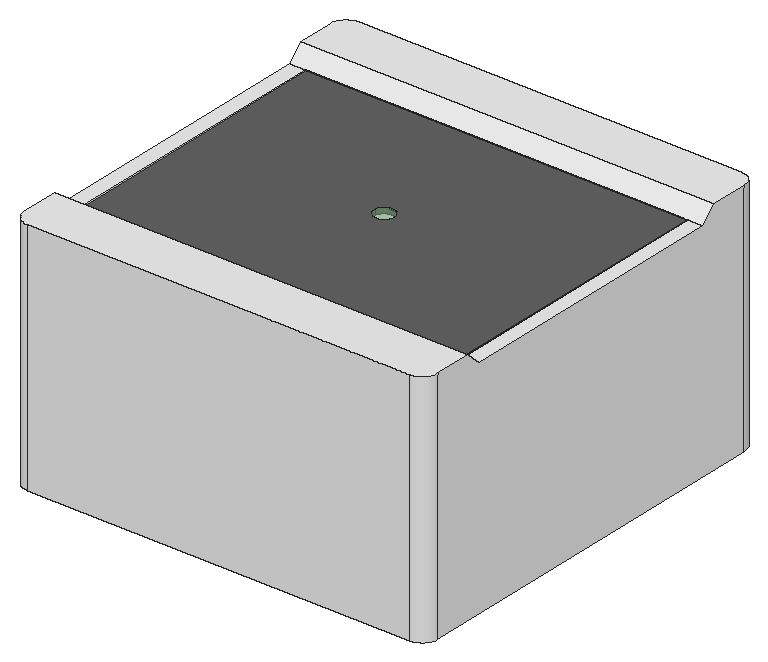
Revit family "Long Range Receiver_WRR-22_Farpointe_R16", category Security Devices, host Face, Revit 2016
Family settings
  Host = Face
  Maintain Annotation Orientation = No
  Part Type = Normal
  Round Connector Dimension = Use Diameter
  Cut with Voids When Loaded = No
  Shared = No
  Room Calculation Point = No
Parameters
  Width = 3.3"
  White Plastic [instance] = White Plastic
  URL - Quick Start Guides [instance] = "http://farpointedata.com/downloads/qsg_and_ref/WRR22_RangerReceiver_QSG.pdf"
  URL - Mounting Guides Letter Size [instance] = "N/A"
  URL - Mounting Guides A4 Size [instance] = "N/A"
  URL - Data Sheets [instance] = "http://farpointedata.com/downloads/datasheets/WRR22_TDS.pdf"
  URL - Bid Specifications [instance] = "http://farpointedata.com/downloads/bid_specs/Farpointe_Ranger_Specification.docx"
  URL = "http://www.farpointedata.com/"
  Modeled By [instance] = "www.commensestudio.com"
  Model = "WRR-22 Ranger Long-Range Receiver"  # constant formula
  Manufacturer = "Farpointe Data"  # constant formula
  LED [instance] = LED
  Height = 3.3"
  Description = "Two Channel"  # constant formula
  Depth = 1.9"
  Default Elevation = 48"
  Black Plastic [instance] = Black Plastic
Reference planes (in)
  plane 1 "Center (Front/Back)": y = 0
  plane 2: z = 0
  plane 3 "Center (Left/Right)": x = 0
  plane 4: x = -1.65
  plane 5: x = 1.65
  plane 6: y = 1.65
  plane 7: y = -1.65
  plane 8: z = 1.9
Forms (in)
  Extrusion 1, solid, material "White Plastic" <- "White Plastic"
    sketch origin (0, 0, 0) x (1, 0, 0) y (0, 1, 0)
      loop
        arc (-1.525, 1.65) -> (-1.61339, 1.61339) -> (-1.65, 1.525) r 0.125
        line (-1.65, 1.525) -> (-1.65, -1.525)
        arc (-1.65, -1.525) -> (-1.61339, -1.61339) -> (-1.525, -1.65) r 0.125
        line (-1.525, -1.65) -> (1.525, -1.65)
        arc (1.525, -1.65) -> (1.61339, -1.61339) -> (1.65, -1.525) r 0.125
        line (1.65, -1.525) -> (1.65, 1.525)
        arc (1.65, 1.525) -> (1.61339, 1.61339) -> (1.525, 1.65) r 0.125
        line (1.525, 1.65) -> (-1.525, 1.65)
    from 0 to 1.9
  Extrusion 2, void
    sketch origin (0, 0, 0) x (0, 1, 0) y (0, 0, 1)
      loop
        line (-1.22641, 1.9) -> (-1.11922, 1.79281) -> (1.11922, 1.79281) -> (1.22641, 1.9) -> (-1.22641, 1.9)
    from -1.65 to 1.65
  Extrusion 3, void
    sketch origin (0, 0, 0) x (1, 0, 0) y (0, 1, 0)
      loop
        circle (0, 0) r 0.07968
    from 1.75 to 1.9
  Extrusion 4, void
    sketch origin (0, 0, 0) x (1, 0, 0) y (0, 1, 0)
      loop
        line (-1.525, 1.11922) -> (-1.525, -1.11922) -> (1.525, -1.11922) -> (1.525, 1.11922) -> (-1.525, 1.11922)
    from 1.75 to 1.79281
  Extrusion 5, solid, material "Black Plastic" <- "Black Plastic"
    sketch origin (0, 0, 0) x (1, 0, 0) y (0, 1, 0)
      loop
        line (-1.525, 1.11922) -> (-1.525, -1.11922) -> (1.525, -1.11922) -> (1.525, 1.11922) -> (-1.525, 1.11922)
      loop
        circle (0, 0) r 0.07968
    from 1.75 to 1.79
  Extrusion 6, solid, material "LED" <- "LED"
    sketch origin (0, 0, 0) x (1, 0, 0) y (0, 1, 0)
      loop
        circle (0, 0) r 0.07968
    from 1.75 to 1.79
Cuts and joins
  Extrusion 2, Extrusion 3, Extrusion 4 cuts Extrusion 1
Dimensions and locks (in)
  equal spacing: plane 7, plane 1 "Center (Front/Back)", plane 6
  equal spacing: plane 4, plane 3 "Center (Left/Right)", plane 5
  "Height": plane 7 to plane 6
  "Width": plane 4 to plane 5
  "Depth": plane 8 to level
  aligned and locked: plane 2 to host face
  aligned and locked: level to host face
  aligned and locked: plane 8 to Extrusion 1
Automatic sketch dimensions
  host sketch curve to host sketch curve = 96"  (x2)
  plane 7 to Extrusion 1 sketch curve = 0"
  plane 6 to Extrusion 1 sketch curve = 0"
  Extrusion 1 sketch curve to plane 5 = 0"
  plane 4 to Extrusion 1 sketch curve = 0.125"  (x2)
  Extrusion 1 sketch curve to plane 5 = 0.125"  (x2)
  Extrusion 1 sketch curve to plane 4 = 0"
  Extrusion 2 sketch curve to plane 8 = 0"
  Extrusion 2 sketch curve to plane 8 = 0.10719"
  Extrusion 2 sketch curve to plane 7 = 0.53078"
  Extrusion 2 sketch curve to Extrusion 2 sketch curve = 0.10719"  (x2)
  plane 6 to Extrusion 2 sketch curve = 0.53078"
  plane 1 "Center (Front/Back)" to Extrusion 3 sketch curve = 0"
  Extrusion 3 sketch curve to plane 3 "Center (Left/Right)" = 0"
  plane 4 to Extrusion 4 sketch curve = 0.125"
  Extrusion 4 sketch curve to plane 5 = 0.125"
  Extrusion 4 sketch curve to plane 7 = 0.53078"
  plane 6 to Extrusion 4 sketch curve = 0.53078"
  plane 1 "Center (Front/Back)" to Extrusion 5 sketch curve = 0"
  Extrusion 5 sketch curve to plane 3 "Center (Left/Right)" = 0"
  plane 4 to Extrusion 5 sketch curve = 0.125"
  Extrusion 5 sketch curve to plane 5 = 0.125"
  Extrusion 5 sketch curve to plane 7 = 0.53078"
  plane 6 to Extrusion 5 sketch curve = 0.53078"
  plane 1 "Center (Front/Back)" to Extrusion 6 sketch curve = 0"
  Extrusion 6 sketch curve to plane 3 "Center (Left/Right)" = 0"
  radius of Extrusion 3 sketch curve = 0.07968"
  radius of Extrusion 5 sketch curve = 0.07968"
  radius of Extrusion 6 sketch curve = 0.07968"
Connectors (in)
  electrical at (0, 0, 0)
    settings: index 1, voltage 0 V, apparent load 0 VA, apparent load phase1 0 VA, apparent load phase2 0 VA, apparent load phase3 0 VA, power factor 1, load classification "Other", number of poles 1, system type 10, power factor state 1, is connector primary yes, connector utility no, sub classification motor no, connector description ""
